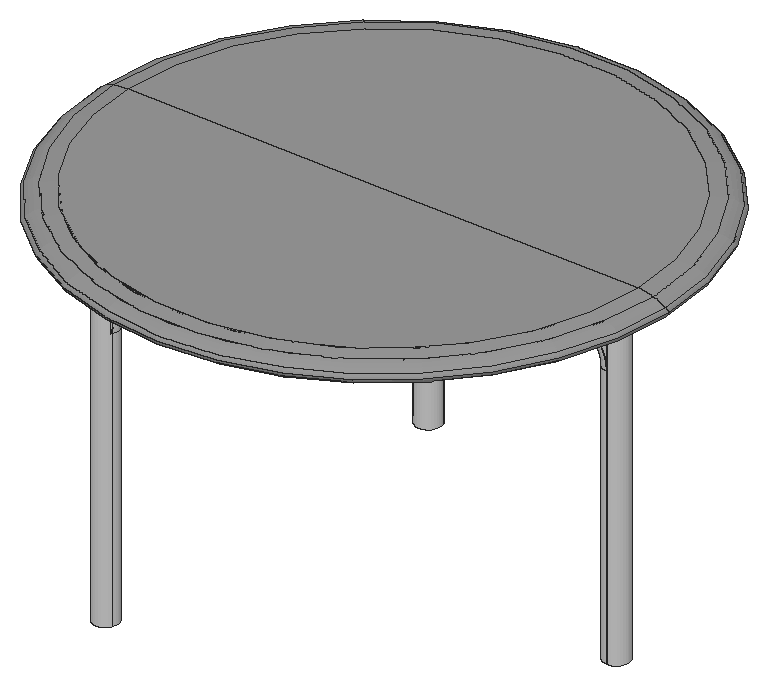
Revit family "Haworth_Openest_SprigTable_Round_EU_PRELIMINARY", category Furniture, Revit 2018
Family settings
  OmniClass Number = 23.40.20.00
  OmniClass Title = General Furniture and Specialties
  Work Plane-Based = No
  Always vertical = Yes
  Cut with Voids When Loaded = No
  Shared = No
  Room Calculation Point = No
Parameters (values of type "Large Table")
  Warranty = "http://www.haworth.com/resources/product-info/warranties"
  URL - Product = "https://www.haworth.com/eu/en/products/coffee-tables/openest-sprig.html"
  URL = "https://www.haworth.com/eu/en.html"
  Sustainability Info = "https://www.haworth.com/eu/en/company/sustainability.html"
  Small = no
  Size = "Verify Final Dim. w/ Haworth"  # constant formula
  Leg Width = if(Small, Radius - 3.5024 cm, Radius - 4.3954 cm)  # 26.1046 cm
  Table Top Finish [instance] = Haworth _ Wood _ Undecided _ Tables
  Revision No. = "1"  # constant formula
  Radius = if(Small, 20.5 cm, 30.5 cm)  # 30.5 cm
  Leg Height = Height - 2.5003 cm  # 33.4997 cm
  Model = "SODX - XXXX"  # constant formula
  Manufacturer = "Haworth"  # constant formula
  Leg Finish [instance] = Haworth _ Paint _ Undecided _ Table
  Large = not(Small)  # yes
  Height = if(Small, 43 cm, 36 cm)  # 36 cm
  Description = "Haworth - Openest - Sprig Table - Round"  # constant formula
  Author = "Haworth (Abd Rahman), SHAPE Environments, LLC"  # constant formula
  Assembly Code = "E2020200"
Types (2, lengths in cm): name | Small | Leg Width | Radius | Leg Height | Large | Height
  Small Table | yes | 16.9976 | 20.5 | 40.4997 | no | 43
  Large Table | no | 26.1046 | 30.5 | 33.4997 | yes | 36
Reference planes (cm)
  plane 1 "Center Front/Back": y = 0
  plane 2: z = 0
  plane 3 "Center Left/Right": x = 0
  plane 4: x = -30.5
  plane 5: x = 30.5
  plane 6 "Table Top": z = 36
  plane 7: z = 33.5
  plane 8: through (-1.104, -0.7365, 121.92) normal (-0.5, 0.866, 0)
  plane 9: x = -0.0858
  plane 10: through (-1.104, 0.7365, 121.92) normal (0.5, 0.866, 0)
Forms (cm)
  Revolve 1, solid, material "Haworth _ Wood _ Undecided _ Tables" <- "Table Top Finish"
    sketch origin (0, 0, 0) x (1, 0, 0) y (0, 0, 1)
      loop
        line (0, 36) -> (-27.0846, 36)
        arc (-27.0846, 36) -> (-27.8679, 35.9263) -> (-28.6419, 35.7846) r 9.0189
        arc (-28.6419, 35.7846) -> (-29.3413, 35.5446) -> (-29.9747, 35.1631) r 3.5006
        arc (-29.9747, 35.1631) -> (-30.1518, 34.9793) -> (-30.264, 34.75) r 0.8215
        arc (-30.264, 34.75) -> (-30.1518, 34.5207) -> (-29.9747, 34.3369) r 0.8215
        arc (-29.9747, 34.3369) -> (-29.3413, 33.9554) -> (-28.6419, 33.7154) r 3.5006
        arc (-28.6419, 33.7154) -> (-27.8679, 33.5737) -> (-27.0846, 33.5) r 9.0189
        line (-27.0846, 33.5) -> (0, 33.5) -> (0, 36)
      axis (0, 36) -> (0, 33.5)
    angle from 0 to 360
Lines and regions (cm)
  Masking region 1
    outline origin (0, 0, 36) x (-1, 0, 0) y (0, -1, 0)
      loop
        circle (0, 0) r 30.5
Dimensions and locks (cm)
  equal spacing: plane 4, plane 3 "Center Left/Right", plane 5
  "Height": plane 6 "Table Top" to level
  "Radius": plane 3 "Center Left/Right" to plane 4
  plane 5 to plane 4 = 61 cm
  locked: plane 6 "Table Top" to plane 7 at 2.5
  plane 4 to plane 5 = 61 cm
  "Radius": radius of Masking region 1 sketch curve
  aligned and locked: level to plane 2
  aligned and locked: nested 3 to plane 7
  aligned and locked: plane 7 to nested 2
  aligned and locked: nested 1 to plane 7
  aligned and locked: plane 8 to nested 2
  aligned and locked: plane 9 to nested 1
  aligned and locked: plane 10 to nested 3
Automatic sketch dimensions
  Revolve 1 sketch curve to plane 6 "Table Top" = 0 cm
  Revolve 1 sketch curve to plane 3 "Center Left/Right" = 0 cm  (x2)
  plane 4 to Revolve 1 sketch curve = 3.8677 cm  (x2)
  plane 4 to Revolve 1 sketch curve = 3.4154 cm
  Revolve 1 sketch curve to Revolve 1 sketch curve = 0 cm  (x6)
  Revolve 1 sketch curve to Revolve 1 sketch curve = 0.7773 cm  (x2)
  Revolve 1 sketch curve to Revolve 1 sketch curve = 0.78 cm  (x2)
  Revolve 1 sketch curve to plane 6 "Table Top" = 0.2154 cm
  plane 4 to Revolve 1 sketch curve = 1.0212 cm
  Revolve 1 sketch curve to Revolve 1 sketch curve = 0.4958 cm  (x2)
  plane 4 to Revolve 1 sketch curve = 0.236 cm
  Revolve 1 sketch curve to level = 60.96 cm
  Revolve 1 sketch curve to Revolve 1 sketch curve = 1.128 cm
  Revolve 1 sketch curve to Revolve 1 sketch curve = 192.4553 cm
  plane 1 "Center Front/Back" to Masking region 1 sketch curve = 0 cm
  Masking region 1 sketch curve to plane 3 "Center Left/Right" = 0 cm
Nested families (cm)
  nested 1: "Family1" at (26.0188, -0.0344, 33.5) x (-1, 0, 0) z (0, 0, 1), type "Family1"
    with Leg Width 26.1046 cm, Leg Height 33.4997 cm
  nested 2: "Family1" at (-13.0392, 22.5157, 33.5) x (0.5, -0.866, 0) z (0, 0, 1), type "Family1"
    with Leg Width 26.1046 cm, Leg Height 33.4997 cm
  nested 3: "Family1" at (-13.0392, -22.5157, 33.5) x (0.5, 0.866, 0) z (0, 0, 1), type "Family1"
    with Leg Width 26.1046 cm, Leg Height 33.4997 cm
Definition of nested family "Family1"
  Parameters
    Table Legs = none
    Leg Width = 17.3906 cm
    Leg Height = 43.18 cm
  Reference planes (cm)
    plane 1 "Center Front/Back": y = 0
    plane 2: z = 0
    plane 3 "Center Left/Right": x = 0
    plane 4: x = 17.3906
    plane 5: z = -43.18
  Forms (cm)
    Extrusion 1, solid, material <- "Table Legs"
      sketch origin (16.7318, -0.0344, -40.68) x (-1, 0, 0) y (0, -1, 0)
        loop
          line (15.4417, 1.2556) -> (15.4417, -1.3244)
          arc (15.4417, -1.3244) -> (16.7318, -0.0344) -> (15.4417, 1.2556) r 1.29
      from -2.5 to 40.68
    Sweep 2, solid, material <- "Table Legs"
      path origin (16.0216, 1.3303, -40.3949) x (-1, 0, 0) y (0, 0, 1)
        loop
          line (14.7316, -2.7851) -> (14.7316, 34.7793)
          arc (14.7316, 34.7793) -> (13.5372, 37.6628) -> (10.6536, 38.8572) r 4.0779
          line (10.6536, 38.8572) -> (-1.3691, 38.8572)
      profile origin (1.29, 1.3303, -24.3978) x (1, 0, 0) y (0, 1, 0)
        loop
          arc (0, -2.6003) -> (1.27, -1.3303) -> (0, -0.0603) r 1.27
          line (0, -0.0603) -> (0, -2.6003)
    Extrusion 3, solid, material <- "Table Legs"
      sketch origin (1.2437, -1.29, -40.68) x (1, 0, 0) y (0, 0, 1)
        loop
          line (16.147, 40.68) -> (0, 40.68) -> (0, 35.1063)
          arc (0, 35.1063) -> (1.1821, 37.9602) -> (4.036, 39.1423) r 4.036
          line (4.036, 39.1423) -> (16.147, 39.1423) -> (16.147, 40.68)
      from -2.58 to 0
  Dimensions and locks (cm)
    "Leg Width": plane 4 to plane 3 "Center Left/Right"
    "Leg Height": plane 5 to level
    aligned and locked: level to plane 2
    aligned and locked: Extrusion 1 to plane 5
  Automatic sketch dimensions
    plane 1 "Center Front/Back" to Extrusion 1 sketch curve = 0 cm
    plane 3 "Center Left/Right" to Extrusion 1 sketch curve = 1.29 cm
    Extrusion 1 sketch curve to Extrusion 1 sketch curve = 1.29 cm
    Sweep 2 sketch curve to profile plane = 0 cm
    Sweep 2 sketch curve to profile plane = 2.6003 cm
    Sweep 2 sketch curve to Sweep 2 sketch curve = 1.27 cm
    plane 4 to Extrusion 3 sketch curve = 0 cm
    plane 3 "Center Left/Right" to Extrusion 3 sketch curve = 5.2797 cm
    plane 3 "Center Left/Right" to Extrusion 3 sketch curve = 1.2437 cm
    Extrusion 3 sketch curve to level = 5.5737 cm
    Extrusion 3 sketch curve to Extrusion 3 sketch curve = 1.5377 cm
    plane 4 to Sweep 2 sketch curve = 0 cm
    Sweep 2 sketch curve to plane 5 = 0 cm
    plane 3 "Center Left/Right" to Sweep 2 sketch curve = 5.3679 cm
    plane 3 "Center Left/Right" to Sweep 2 sketch curve = 1.29 cm
    Sweep 2 sketch curve to level = 5.6156 cm
